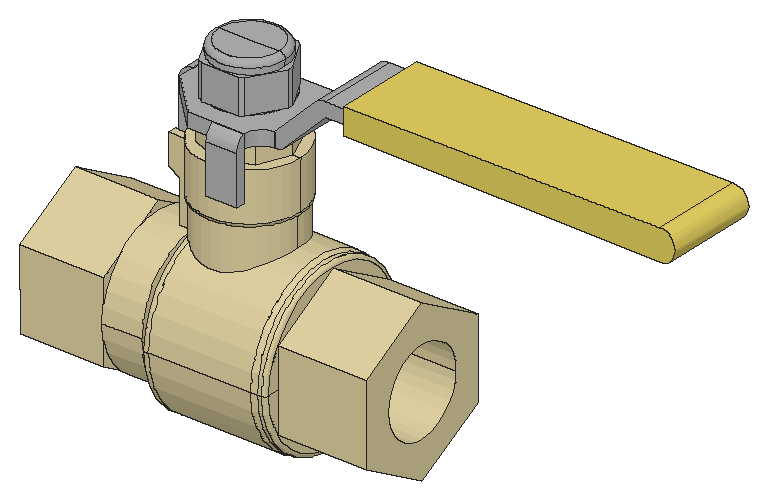
Revit family "QP00420000", category Apparecchi idraulici, Revit 2020
Family settings
  Quota connettore circolare = Usa diametro
  Tipo di parte = Normale
  Numero OmniClass = 23.45.00.00
  Titolo OmniClass = Sanitary, Laundry, and Cleaning Equipment
  Basato su piano di lavoro = No
  Sempre verticale = Sì
  Taglio con vuoti quando caricato = No
  Condiviso = No
  Punto di calcolo locali = No
Parameters
  URL = "https://web.cimberio.com/index.php/figura/1595?subcategoria_id=95351"
  Temperatura di esercizio = "- 40 ÷ 60°C"
  Prospetto di default = 0 mm
  Produttore = "CIMBERIO SPA"
  Pressione nominale = "600 psi da 1/4\" a 1 1/4\"; 500 psi per 1 1/2\"; 400 psi per 2\"; MOP 5 da 2 1/2\" a 4\""
  Modello = "Cim 11.1GNPT"
  Materiale = "Prodotto in lega di ottone conforme alla norma EN 12165-CW617N-DW"
  Descrizione = "Utilizzato nell’impiantistica distributiva di gas a bassa pressione per le categorie:\r\nGas naturali: gas derivati dal petrolio (Metano) e gas di ricambio.\r\nGas di città: prodotti secondo i diversi procedimenti (Cracking - Cokerie - ecc.).\r\nGas liquidi: propano e miscele di gas propano/butano."
  DN Model [instance] = QP00421015 : QP00421015
  DN [instance] = 15 mm
  Commenti sul tipo = "Realizzato in ottemperanza ai requisiti gestionali della norma EN ISO 9001.\r\nCollaudato al 100% secondo la normativa EN 12266-1"
Reference planes
  plane 1 "Centro (Fronte/Retro)": y = 0
  plane 2: z = 0
  plane 3 "Centro (Sinistra/Destra)": x = 0
Dimensions and locks
  aligned and locked: level to plane 2
Nested families
  nested 1: "QP00421015" at (0, 0, 0), type <- "DN Model", type "QP00421015"
  nested 2: "QP00421015" at (0, 0, 0), type <- "DN Model", type "QP00421015"
  nested 3: "QP00421015" at (0, 0, 0), type <- "DN Model", type "QP00421015"
  nested 4: "QP00421015" at (0, 0, 0), type <- "DN Model", type "QP00421015"
  nested 5: "QP00421015" at (0, 0, 0), type <- "DN Model", type "QP00421015"
  nested 6: "QP00421015" at (0, 0, 0), type <- "DN Model", type "QP00421015"
  nested 7: "QP00421015" at (0, 0, 0), type <- "DN Model", type "QP00421015"
  nested 8: "QP00421015" at (0, 0, 0), type <- "DN Model", type "QP00421015"
  nested 9: "QP00421015" at (0, 0, 0), type <- "DN Model", type "QP00421015"
  nested 10: "QP00421015" at (0, 0, 0), type <- "DN Model", type "QP00421015"
  nested 11: "QP00421015" at (0, 0, 0), type <- "DN Model", type "QP00421015"
Connectors
  piping at (30.3, 0, 0), diameter 15, driven by "DN"
    settings: on nested 1, index 1, connector inside diameter 609.6 mm, connector length 0 mm, flow factor 0, pipe flow 0.0 L/s, pressure drop 0.0 Pa, fitting loss kfactor 0, connector angle 0.00°, fixture units 0, engagement length 0 mm, angle of deflection 0.00°, flow configuration 0, flow direction 0, fitting loss method 0, system type 7, joint type 0, gender type 0, connector reference index -1, connector utility 0, adjustable connector no, is connector primary yes, connector description ""
  piping at (-30.6, 0, 0), diameter 15, driven by "DN"
    settings: on nested 1, index 2, connector inside diameter 609.6 mm, connector length 0 mm, flow factor 0, pipe flow 0.0 L/s, pressure drop 0.0 Pa, fitting loss kfactor 0, connector angle 0.00°, fixture units 0, engagement length 0 mm, angle of deflection 0.00°, flow configuration 0, flow direction 0, fitting loss method 0, system type 7, joint type 0, gender type 0, connector reference index -1, connector utility 0, adjustable connector no, is connector primary no, connector description ""
Definition of nested family "QP00421015"
  Parameters (values of type "QP00421015")
    Default Elevation = 0 mm
  Reference planes
    plane 1 "Centro (Fronte/Retro)": y = 0
    plane 2: z = 0
    plane 3 "Centro (Sinistra/Destra)": x = 0
  Forms (mm)
    Revolve 1, solid
      sketch origin (0, 0, 0) x (1, 0, 0) y (0, 1, 0)
        loop
          line (-16, 5) -> (14.6, 5) -> (14.6, 14.05)
          arc (14.6, 14.05) -> (14.395, 14.545) -> (13.9, 14.75) r 0.7
          line (13.9, 14.75) -> (13.098, 14.75) -> (12.164, 15) -> (-5.816, 15)
          arc (-5.816, 15) -> (-6.243, 14.992) -> (-6.646, 14.854) r 1.384
          line (-6.646, 14.854) -> (-9, 12.5) -> (-16, 12.5) -> (-16, 5)
        axis (-16, 0) -> (14.6, 0)
      angle from 0 to 360
    Extrusion 2, solid
      sketch origin (-11, 0, 0) x (0, 0, 1) y (0, 1, 0)
        loop
          circle (0, 0) r 7.5
        loop
          line (-14, 0) -> (-7, -12.124) -> (7, -12.124) -> (14, 0) -> (7, 12.124) -> (-7, 12.124) -> (-14, 0)
      from 5 to 19.6
    Extrusion 3, solid
      sketch origin (11, 0, 0) x (0, 0, 1) y (0, -1, 0)
        loop
          circle (0, 0) r 7.5
        loop
          line (-14, 0) -> (-7, -12.124) -> (7, -12.124) -> (14, 0) -> (7, 12.124) -> (-7, 12.124) -> (-14, 0)
      from 3.6 to 19.3
    Revolve 4, solid
      sketch origin (0, 0, 0) x (1, 0, 0) y (0, 0, 1)
        loop
          line (0, 29.3) -> (0, 8.958) -> (8.5, 8.958) -> (8.5, 20.183)
          arc (8.5, 20.183) -> (8.859, 20.403) -> (9, 20.8) r 0.631
          line (9, 20.8) -> (9, 29.3) -> (0, 29.3)
        axis (0, 8.958) -> (0, 29.3)
      angle from 0 to 360
    Extrusion 5, solid
      sketch origin (0, 0, 0) x (1, 0, 0) y (0, 0, 1)
        loop
          line (-7.25, 26.3) -> (-13, 26.3) -> (-13, 21) -> (-11.022, 19.858) -> (-11.022, 11.41) -> (-7.25, 11.41) -> (-7.25, 26.3)
      from 0 to 1.512
    Extrusion 6, solid
      sketch origin (0, 0, 28.55) x (1, 0, 0) y (0, 1, 0)
        loop
          line (0, -7.5) -> (5.303, -5.303) -> (7.5, 0) -> (5.303, 5.303) -> (0, 7.5) -> (-5.303, 5.303) -> (-7.5, 0) -> (-5.303, -5.303) -> (0, -7.5)
      from 0.75 to 4.75
    Extrusion 7, solid
      sketch origin (0, 0, 28.55) x (1, 0, 0) y (0, 1, 0)
        loop
          circle (0, 0) r 6.752
      from 4.75 to 8.25
    Extrusion 8, solid
      sketch origin (0, 0, 28.55) x (1, 0, 0) y (0, 1, 0)
        loop
          line (-10, 7) -> (-10, -2.9) -> (-2.9, -10) -> (7, -10)
          arc (7, -10) -> (7.879, -7.879) -> (10, -7) r 3
          line (10, -7) -> (10, 7) -> (-10, 7)
        loop
          circle (0, 0) r 6.752
      from 5.75 to 8.25
    Extrusion 9, solid
      sketch origin (0, 0, 28.55) x (1, 0, 0) y (0, 1, 0)
        loop
          line (4.028, -6.028) -> (7.234, -0.474)
          arc (7.234, -0.474) -> (7.25, -0.003) -> (7.235, 0.468) r 7.25
          line (7.235, 0.468) -> (4.022, 6.032) -> (3.199, 6.506) -> (-3.199, 6.506) -> (-4.022, 6.032) -> (-7.235, 0.467)
          arc (-7.235, 0.467) -> (-7.25, -0.003) -> (-7.235, -0.474) r 7.25
          line (-7.235, -0.474) -> (-4.027, -6.029)
          arc (-4.027, -6.029) -> (-3.627, -6.278) -> (-3.211, -6.5) r 7.25
          line (-3.211, -6.5) -> (3.211, -6.5)
          arc (3.211, -6.5) -> (3.627, -6.278) -> (4.028, -6.028) r 7.25
      from 8.25 to 14.25
    Revolve 10, solid
      sketch origin (0, 0, 0) x (1, 0, 0) y (0, 0, 1)
        loop
          line (0, 44.8) -> (0, 42.8) -> (6.25, 42.8) -> (6.25, 43.8)
          arc (6.25, 43.8) -> (5.957, 44.507) -> (5.25, 44.8) r 1
          line (5.25, 44.8) -> (0, 44.8)
        axis (0, 44.8) -> (0, 42.8)
      angle from 0 to 360
    Extrusion 11, solid
      sketch origin (0, 0, 0) x (1, 0, 0) y (0, 0, 1)
        loop
          arc (-10, 36.8) -> (-11.768, 36.068) -> (-12.5, 34.3) r 2.5
          line (-12.5, 34.3) -> (-12.5, 25.603) -> (-10, 25.603) -> (-10, 36.8)
      from -7 to 0
    Extrusion 12, solid
      sketch origin (-11, 0, 0) x (0, 0, 1) y (0, 1, 0)
        loop
          line (36.8, -10) -> (25.795, -10) -> (25.795, -11.537) -> (34.3, -11.537)
          arc (34.3, -11.537) -> (35.767, -11.122) -> (36.8, -10) r 2.802
      from -18 to -12.6
    Extrusion 13, solid
      sketch origin (0, 0, 0) x (1, 0, 0) y (0, 0, 1)
        loop
          line (10, 36.8) -> (10, 34.3)
          arc (10, 34.3) -> (10.957, 34.49) -> (11.768, 35.032) r 2.5
          line (11.768, 35.032) -> (19.036, 42.3) -> (22.997, 42.3) -> (22.997, 44.8) -> (19.036, 44.8)
          arc (19.036, 44.8) -> (18.079, 44.61) -> (17.268, 44.068) r 2.5
          line (17.268, 44.068) -> (10, 36.8)
      from -7 to 7
    Extrusion 14, solid
      sketch origin (0, 0, 0) x (1, 0, 0) y (0, 0, 1)
        loop
          line (22.997, 45.8) -> (22.997, 41.3) -> (78.476, 40.816)
          arc (78.476, 40.816) -> (81.21, 43.55) -> (78.476, 46.284) r 2.734
          line (78.476, 46.284) -> (22.997, 45.8)
      from -8 to 8
  Cuts and joins
    joined: Revolve 1, Revolve 4, Extrusion 5
  Dimensions and locks
    aligned and locked: level to plane 2
